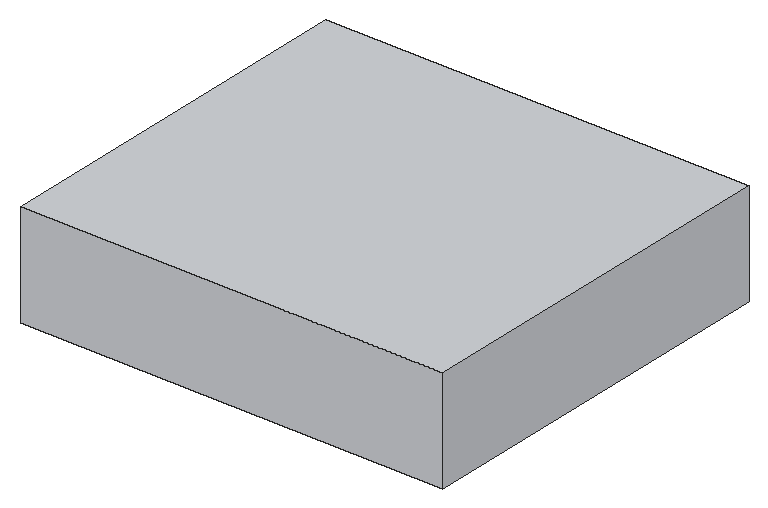
Revit family "bad9bc7e38814ac180ec0ae7224ef1e1", category Communication Devices, host Face, Revit 2021
Family settings
  Host = Face
  Maintain Annotation Orientation = Yes
  Round Connector Dimension = Use Diameter
  Part Type = Normal
  OmniClass Number = 23.85.50.31
  OmniClass Title = Intercom Systems
  Seek Item ID = Intercom-0000-USA-ENU
  Cut with Voids When Loaded = No
  Shared = No
  Room Calculation Point = No
Parameters (values of type "Standard")
  Width = 0' - 7 5/8"
  Speaker Material = none
  Label = "I"
  Height = 0' - 6 7/8"
  Length = 0' - 1 7/8"
  Default Elevation = 4' - 0"
Reference planes (in)
  plane 1 "Center (Front/Back)": y = 0
  plane 2: z = 0
  plane 3 "Center (Left/Right)": x = 0
  plane 4: z = 1.875
  plane 5: x = -3.8125
  plane 6: x = 3.8125
  plane 7: y = -6.875
Forms (in)
  Extrusion 1, solid, material <- "Speaker Material"
    sketch origin (0.19097, 0, 0) x (1, 0, 0) y (0, 1, 0)
      loop
        line (-4.00347, 0) -> (-4.00347, -6.875) -> (3.62153, -6.875) -> (3.62153, 0) -> (-4.00347, 0)
    from 0 to 1.875
Lines and regions (in)
  symbolic lines, detail levels fine
    curve 1: line (-3.8125, 0, 1.875) -> (-3.8125, 0, 0)
    curve 2: line (3.8125, 0, 1.875) -> (-3.8125, 0, 1.875)
    curve 3: line (3.8125, 0, 0) -> (3.8125, 0, 1.875)
    curve 4: line (-3.8125, 0, 0) -> (3.8125, 0, 0)
Dimensions and locks (in)
  "Length": plane 4 to plane 2
  equal spacing: plane 5, plane 3 "Center (Left/Right)", plane 6
  "Width": plane 5 to plane 6
  "Height": plane 7 to plane 1 "Center (Front/Back)"
  aligned and locked: plane 2 to host face
  aligned and locked: level to host face
  aligned and locked: plane 1 "Center (Front/Back)" to Extrusion 1 sketch curve
  aligned and locked: plane 4 to Extrusion 1
  aligned and locked: Extrusion 1 to plane 5
  aligned and locked: plane 6 to Extrusion 1
  aligned and locked: Extrusion 1 to plane 7
  aligned and locked: curve 1 to Extrusion 1
  aligned and locked: curve 2 to Extrusion 1
  aligned and locked: curve 3 to Extrusion 1
  aligned and locked: curve 4 to Extrusion 1
  aligned and locked: plane 3 "Center (Left/Right)" to nested 1
  aligned and locked: plane 1 "Center (Front/Back)" to nested 1
Automatic sketch dimensions
  host sketch curve to host sketch curve = 8' - 0"  (x2)
  Extrusion 1 sketch curve to plane 3 "Center (Left/Right)" = 0' - 3 13/16"
  plane 3 "Center (Left/Right)" to Extrusion 1 sketch curve = 0' - 3 13/16"
  plane 1 "Center (Front/Back)" to Extrusion 1 sketch curve = 0' - 6 7/8"
Nested families (in)
  nested 1: "Intercom Annotation" at (0, 0, 0), type "Intercom Annotation", detail levels coarse+medium
Connectors (in)
  electrical at (0, 0, 0.9375)
    settings: on Extrusion 1, index 1, voltage 0 V, apparent load 0 VA, apparent load phase1 0 VA, apparent load phase2 0 VA, apparent load phase3 0 VA, power factor 1, load classification "Other", number of poles 1, system type 14, power factor state 1, is connector primary yes, connector utility no, sub classification motor no, connector description ""
Definition of nested family "Intercom Annotation"
  Parameters
    Label Annotation = "I"
  Reference planes (in)
    plane 1: y = 0
    plane 2: x = 0
  Lines and regions (in)
    reference lines
      curve 1: line (-0.07031, 0.2277, 0) -> (-0.07031, -0.28638, 0)
      curve 2: line (0.07031, 0.29601, 0) -> (0.07031, -0.28638, 0)
      curve 3: line (-0.2699, 0.15625, 0) -> (0.35142, 0.15625, 0)
      curve 4: line (-0.37147, 0, 0) -> (0.37853, 0, 0)
    detail lines
      curve 5: line (-0.07031, 0.15625, 0) -> (0.07031, 0.15625, 0)
      curve 6: line (-0.07031, 0, 0) -> (-0.07031, 0.15625, 0)
      curve 7: line (0.07031, 0, 0) -> (-0.07031, 0, 0)
      curve 8: line (0.07031, 0.15625, 0) -> (0.07031, 0, 0)
  Text (in)
    label "I" at (-0.01616, 0.06746, 0), shows "Label Annotation"
  Dimensions and locks (in)
    locked: curve 1 to plane 2 at 0.07031
    locked: plane 2 to curve 2 at 0.07031
    locked: curve 4 to curve 3 at 0.15625
    locked: curve 4 to plane 1
    aligned and locked: curve 3 to curve 5
    aligned and locked: curve 6 to curve 1
    aligned and locked: curve 7 to curve 4
    aligned and locked: curve 2 to curve 8
